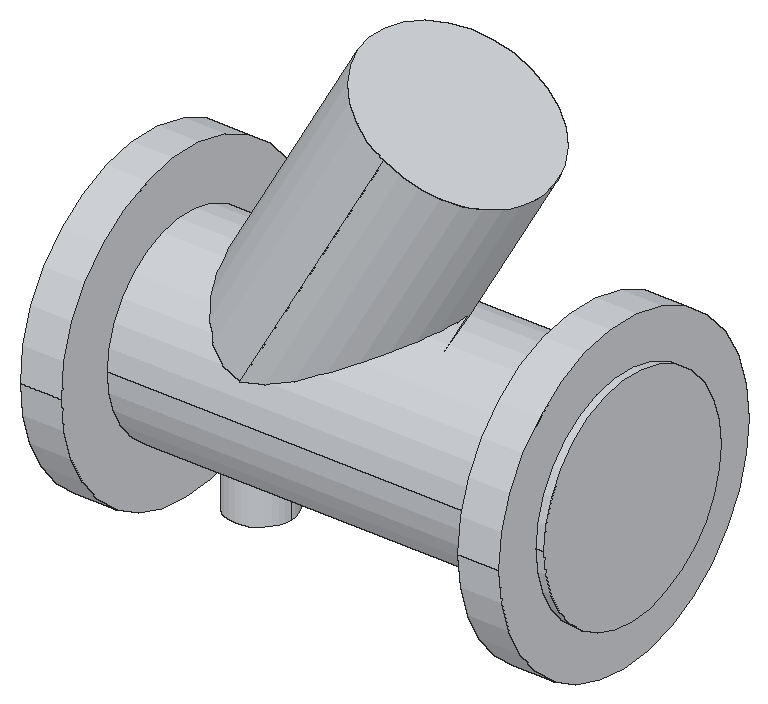
Revit family "HS 821-síto_standard-PN16-DN100-RFA_2019", category Pipe Accessories, Revit 2019
Family settings
  Round Connector Dimension = Use Diameter
  Part Type = Breaks Into
  Work Plane-Based = No
  Always vertical = Yes
  Cut with Voids When Loaded = No
  Shared = No
Parameters (values of type "821A-DN100-PN16-síto_standard")
  magiProductId = "c49a648c2747461285837d643703cd"
  magiProductFamilyId = "79214ac3aaa945e397802f559f5c1e"
  magiPartTypeId = 307
  isMeasuringValve [instance] = no
  ang2D [instance] = 0.00°
  ZB__ve = -ZB  # -35 mm
  ZB1 = 63.18 mm
  ZB = 35 mm
  X2 = 114.857 mm
  X1 = 49 mm
  W2D = 15 mm
  VersionID = "2.0/2017.9.26.1/ZETKAMA_821_001"
  Use Minimum Symbol Size [instance] = yes
  URL = "www.hydronix.cz"
  Type Comments = "Filtr přírubový; síto standardní; A-PN16 (-10~300°C); D-PN25 (-10~350°C); F-PN40 (-10~400°C)"
  S = 156 mm
  QmdConnectorList = "301;D;302;D"
  Productdata [instance] = ""
  Manufacturer = "Hydronix"
  MC Product Code = "200 190 (821A; DN100; PN16; kvs209,6; oko síta 1,60mm)"
  LM1 = 28 mm
  LM = 280 mm
  L4 = 87.5 mm
  L2D_Min = 3048 mm
  L2D = 130 mm
  L2 = 175 mm
  HH2 = 198.937 mm
  FD = 220 mm
  Description = "Filtr přírubový; síto standardní; 821A-PN16; 821D-PN25; 821F-PN40"
  DM1 = 131.4 mm
  DM = 140.4 mm
  D = 100 mm
  CC = 5.95 mm
  CAT0 = yes
  C1 = 29.05 mm
  C = 35 mm
  BD = 44.226 mm
Types (40, lengths in mm): name | magiProductId | ZB__ve | ZB1 | ZB | X2 | X1 | S | MC Product Code | LM1 | LM | L4 | L2 | HH2 | FD | DM1 | DM | D | CC | C1 | C | BD
  821A-DN015-PN16-síto_standard | "a71bcfe8b393460598b23e8ddf7dc5" | -16.25 | 18.63 | 16.25 | 46.982 | 18.2 | 46 | "200 115 (821A; DN015; PN16; kvs6,3; oko síta 1,00mm)" | 10.4 | 104 | 32.5 | 65 | 81.375 | 95 | 27.6 | 41.4 | 15 | 2.21 | 10.79 | 13 | 13.041
  821A-DN020-PN16-síto_standard | "41cd6c7a12924f4991217528336076" | -17.75 | 22.68 | 17.75 | 51.673 | 21 | 56 | "200 120 (821A; DN020; PN16; kvs11,2; oko síta 1,00mm)" | 12 | 120 | 37.5 | 75 | 89.5 | 105 | 33.6 | 50.4 | 20 | 2.55 | 12.45 | 15 | 15.876
  821A-DN025-PN16-síto_standard | "be378b463ed14c3abf4c9b3ae8cf3a" | -19.25 | 26.325 | 19.25 | 58.601 | 22.4 | 65 | "200 125 (821A; DN025; PN16; kvs14,7; oko síta 1,00mm)" | 12.8 | 128 | 40 | 80 | 101.5 | 115 | 43.2 | 58.5 | 25 | 2.72 | 13.28 | 16 | 18.427
  821A-DN032-PN16-síto_standard | "227a0d18b21540afabe8b6067d35fa" | -23 | 30.78 | 23 | 68.849 | 25.2 | 76 | "200 132 (821A; DN032; PN16; kvs23,7; oko síta 1,00mm)" | 14.4 | 144 | 45 | 90 | 119.25 | 140 | 50.4 | 68.4 | 32 | 3.06 | 14.94 | 18 | 21.546
  821A-DN040-PN16-síto_standard | "d106917c74724141a10440112d0102" | -24.5 | 34.02 | 24.5 | 75.777 | 28 | 84 | "200 140 (821A; DN040; PN16; kvs37,7; oko síta 1,00mm)" | 16 | 160 | 50 | 100 | 131.25 | 150 | 60 | 75.6 | 40 | 3.4 | 16.6 | 20 | 23.814
  821A-DN050-PN16-síto_standard | "8255d456a09e4f6486734f5dd9171b" | -26.75 | 40.095 | 26.75 | 79.061 | 32.2 | 99 | "200 150 (821A; DN050 PN16; kvs57,9; oko síta 1,00mm)" | 18.4 | 184 | 57.5 | 115 | 136.938 | 165 | 73.8 | 89.1 | 50 | 3.91 | 19.09 | 23 | 28.066
  821A-DN065-PN16-síto_standard | "235b1b3e4c0843779a4d5e3716d40a" | -29.75 | 47.79 | 29.75 | 86.927 | 40.6 | 118 | "200 165 (821A; DN065; PN16; kvs101,5; oko síta 1,25mm)" | 23.2 | 232 | 72.5 | 145 | 150.562 | 185 | 94.2 | 106.2 | 65 | 4.93 | 24.07 | 29 | 33.453
  821A-DN080-PN16-síto_standard | "a067f7c5236348ed8c820d16df7214" | -32 | 53.46 | 32 | 104.753 | 43.4 | 132 | "200 180 (821A; DN080; PN16; kvs147,4; oko síta 1,25mm)" | 24.8 | 248 | 77.5 | 155 | 181.438 | 200 | 107.4 | 118.8 | 80 | 5.27 | 25.73 | 31 | 37.422
  821A-DN100-PN16-síto_standard | "c49a648c2747461285837d643703cd" | -35 | 63.18 | 35 | 114.857 | 49 | 156 | "200 190 (821A; DN100; PN16; kvs209,6; oko síta 1,60mm)" | 28 | 280 | 87.5 | 175 | 198.937 | 220 | 131.4 | 140.4 | 100 | 5.95 | 29.05 | 35 | 44.226
  821A-DN125-PN16-síto_standard | "bf68e728a163493cbd2a663b26ebdc" | -39.5 | 74.52 | 39.5 | 131.888 | 56 | 184 | "200 191 (821A; DN125; PN16; kvs326,2; oko síta 1,60mm)" | 32 | 320 | 100 | 200 | 228.438 | 250 | 165 | 165.6 | 125 | 6.8 | 33.2 | 40 | 52.164
  821A-DN150-PN16-síto_standard | "2de770284b654863ae6bc865769dc5" | -44.75 | 85.455 | 44.75 | 155.885 | 67.2 | 211 | "200 192 (821A; DN150; PN16; kvs403; oko síta 1,60mm)" | 38.4 | 384 | 120 | 240 | 270 | 285 | 192 | 189.9 | 150 | 8.16 | 39.84 | 48 | 59.818
  821A-DN200-PN16-síto_standard | "8e5693371ab64aabb29a7f08c76e15" | -53 | 107.73 | 53 | 188.361 | 84 | 266 | "200 193 (821A; DN200; PN16; kvs707; oko síta 1,60mm)" | 48 | 480 | 150 | 300 | 326.25 | 340 | 252 | 239.4 | 200 | 10.2 | 49.8 | 60 | 75.411
  821A-DN250-PN16-síto_standard | "05e37ed948c34047acdd4c42556504" | -62.75 | 129.195 | 62.75 | 255.911 | 102.2 | 319 | "200 194 (821A; DN250; PN16; kvs1234; oko síta 1,60mm)" | 58.4 | 584 | 182.5 | 365 | 443.25 | 405 | 309.6 | 287.1 | 250 | 12.41 | 60.59 | 73 | 90.436
  821A-DN300-PN16-síto_standard | "9ad0af747269428da925480d83ce80" | -71 | 149.85 | 71 | 325.914 | 119 | 370 | "200 195 (821A; DN300; PN16; kvs1916; oko síta 1,60mm)" | 68 | 680 | 212.5 | 425 | 564.5 | 460 | 369.6 | 333 | 300 | 14.45 | 70.55 | 85 | 104.895
  821A-DN350-PN16-síto_standard | "eebc71459bb3451bb4355e7951370a" | -80 | 173.745 | 80 | 356.875 | 137.2 | 429 | "200 196 (821A; DN350; PN16; kvs2621; oko síta 1,60mm)" | 78.4 | 784 | 245 | 490 | 618.125 | 520 | 438 | 386.1 | 350 | 16.66 | 81.34 | 98 | 121.621
  821A-DN400-PN16-síto_standard | "d2f677cb196647e385b2590e7d8abe" | -89 | 194.4 | 89 | 392.237 | 154 | 480 | "200 197 (821A; DN400; PN16; kvs3460; oko síta 1,60mm)" | 88 | 880 | 275 | 550 | 679.375 | 580 | 498 | 432 | 400 | 18.7 | 91.3 | 110 | 136.08
  821D-DN015-PN25-síto_standard | "27ddcbf555414f8ca1fde329bf9087" | -16.25 | 18.63 | 16.25 | 46.982 | 18.2 | 46 | "200 215 (821D; DN015; PN25; kvs6,3; oko síta 1,00mm)" | 10.4 | 104 | 32.5 | 65 | 81.375 | 95 | 27.6 | 41.4 | 15 | 2.21 | 10.79 | 13 | 13.041
  821D-DN020-PN25-síto_standard | "270e0f14012f47189cd0235c18faee" | -17.75 | 22.68 | 17.75 | 51.673 | 21 | 56 | "200 220 (821D; DN020; PN25; kvs11,2; oko síta 1,00mm)" | 12 | 120 | 37.5 | 75 | 89.5 | 105 | 33.6 | 50.4 | 20 | 2.55 | 12.45 | 15 | 15.876
  821D-DN025-PN25-síto_standard | "b9a7fb4aa36643878c637d8e1ab992" | -19.25 | 26.325 | 19.25 | 58.601 | 22.4 | 65 | "200 225 (821D; DN025; PN25; kvs14,7; oko síta 1,00mm)" | 12.8 | 128 | 40 | 80 | 101.5 | 115 | 43.2 | 58.5 | 25 | 2.72 | 13.28 | 16 | 18.427
  821D-DN032-PN25-síto_standard | "6be9a55c4e68400f94eec7e804204c" | -23 | 30.78 | 23 | 68.849 | 25.2 | 76 | "200 232 (821D; DN032; PN25; kvs23,7; oko síta 1,00mm)" | 14.4 | 144 | 45 | 90 | 119.25 | 140 | 50.4 | 68.4 | 32 | 3.06 | 14.94 | 18 | 21.546
  821D-DN040-PN25-síto_standard | "c54511bd7f584ec2984291479612cb" | -24.5 | 34.02 | 24.5 | 75.777 | 28 | 84 | "200 240 (821D; DN040; PN25; kvs37,7; oko síta 1,00mm)" | 16 | 160 | 50 | 100 | 131.25 | 150 | 60 | 75.6 | 40 | 3.4 | 16.6 | 20 | 23.814
  821D-DN050-PN25-síto_standard | "5483b1f596b04cd39b23a14a22c90e" | -26.75 | 40.095 | 26.75 | 79.061 | 32.2 | 99 | "200 250 (821D; DN050; PN25; kvs57,9; oko síta 1,00mm)" | 18.4 | 184 | 57.5 | 115 | 136.938 | 165 | 73.8 | 89.1 | 50 | 3.91 | 19.09 | 23 | 28.066
  821D-DN065-PN25-síto_standard | "767b0f8318e94750bc7a9930ed5b30" | -29.75 | 47.79 | 29.75 | 86.927 | 40.6 | 118 | "200 265 (821D; DN065; PN25; kvs101,5; oko síta 1,25mm)" | 23.2 | 232 | 72.5 | 145 | 150.562 | 185 | 94.2 | 106.2 | 65 | 4.93 | 24.07 | 29 | 33.453
  821D-DN080-PN25-síto_standard | "e21040fa3cc2404b858198f6b73709" | -32 | 53.46 | 32 | 104.753 | 43.4 | 132 | "200 280 (821D; DN080; PN25; kvs147,4; oko síta 1,25mm)" | 24.8 | 248 | 77.5 | 155 | 181.438 | 200 | 107.4 | 118.8 | 80 | 5.27 | 25.73 | 31 | 37.422
  821D-DN100-PN25-síto_standard | "175ca87a506b40b3bc6b82f12f33cf" | -37.25 | 63.18 | 37.25 | 114.857 | 49 | 156 | "200 290 (821D; DN100; PN25; kvs209,6; oko síta 1,60mm)" | 28 | 280 | 87.5 | 175 | 198.937 | 235 | 131.4 | 140.4 | 100 | 5.95 | 29.05 | 35 | 44.226
  821D-DN125-PN25-síto_standard | "77cc98d60da24855999a22dff726b2" | -42.5 | 74.52 | 42.5 | 131.888 | 56 | 184 | "200 291 (821D; DN125; PN25; kvs326,2; oko síta 1,60mm)" | 32 | 320 | 100 | 200 | 228.438 | 270 | 165 | 165.6 | 125 | 6.8 | 33.2 | 40 | 52.164
  821D-DN150-PN25-síto_standard | "9cf8acfcd15547d68e83172d3abcbe" | -47 | 85.455 | 47 | 155.885 | 67.2 | 211 | "200 292 (821D; DN150; PN25; kvs403; oko síta 1,60mm)" | 38.4 | 384 | 120 | 240 | 270 | 300 | 192 | 189.9 | 150 | 8.16 | 39.84 | 48 | 59.818
  821D-DN200-PN25-síto_standard | "16973f3c9ea14389ba8602495a6b64" | -56 | 110.97 | 56 | 188.361 | 84 | 274 | "200 293 (821D; DN200; PN25; kvs707; oko síta 1,60mm)" | 48 | 480 | 150 | 300 | 326.25 | 360 | 252 | 246.6 | 200 | 10.2 | 49.8 | 60 | 77.679
  821F-DN015-PN40-síto_standard | "4c7eaf3c4c0340888b3e684d8a8616" | -16.25 | 18.225 | 16.25 | 46.982 | 18.2 | 45 | "240 615 (821F; DN015; PN40; kvs6,3; oko síta 1,00mm)" | 10.4 | 104 | 32.5 | 65 | 81.375 | 95 | 27.6 | 40.5 | 15 | 2.21 | 10.79 | 13 | 12.757
  821F-DN020-PN40-síto_standard | "aaac5f1ec96b44d6ba96ac2293d66d" | -17.75 | 23.49 | 17.75 | 51.673 | 21 | 58 | "240 620 (821F; DN020; PN40; kvs11,2; oko síta 1,00mm)" | 12 | 120 | 37.5 | 75 | 89.5 | 105 | 33.6 | 52.2 | 20 | 2.55 | 12.45 | 15 | 16.443
  821F-DN025-PN40-síto_standard | "504768023968471481789485b54c7e" | -19.25 | 27.54 | 19.25 | 58.601 | 22.4 | 68 | "240 625 (821F; DN025; PN40; kvs14,7; oko síta 1,00mm)" | 12.8 | 128 | 40 | 80 | 101.5 | 115 | 43.2 | 61.2 | 25 | 2.72 | 13.28 | 16 | 19.278
  821F-DN032-PN40-síto_standard | "165e7f39cf744f329bdf1c400dad12" | -23 | 31.59 | 23 | 68.849 | 25.2 | 78 | "240 632 (821F; DN032; PN40; kvs23,7; oko síta 1,00mm)" | 14.4 | 144 | 45 | 90 | 119.25 | 140 | 50.4 | 70.2 | 32 | 3.06 | 14.94 | 18 | 22.113
  821F-DN040-PN40-síto_standard | "b8903f952089408fbf3a5a632bab1f" | -24.5 | 35.64 | 24.5 | 75.777 | 28 | 88 | "240 640 (821F; DN040; PN40; kvs37,7; oko síta 1,00mm)" | 16 | 160 | 50 | 100 | 131.25 | 150 | 60 | 79.2 | 40 | 3.4 | 16.6 | 20 | 24.948
  821F-DN050-PN40-síto_standard | "c451f97266fe48da8f879cb6a2bd44" | -26.75 | 41.31 | 26.75 | 79.061 | 32.2 | 102 | "240 650 (821F; DN050; PN40; kvs57,9; oko síta 1,00mm)" | 18.4 | 184 | 57.5 | 115 | 136.938 | 165 | 73.8 | 91.8 | 50 | 3.91 | 19.09 | 23 | 28.917
  821F-DN065-PN40-síto_standard | "dc9821e3f9b34e128f6a8c6b34c198" | -29.75 | 49.41 | 29.75 | 86.927 | 40.6 | 122 | "240 665 (821F; DN065; PN40; kvs101,5; oko síta 1,25mm)" | 23.2 | 232 | 72.5 | 145 | 150.562 | 185 | 94.2 | 109.8 | 65 | 4.93 | 24.07 | 29 | 34.587
  821F-DN080-PN40-síto_standard | "689aa1e260f84cf4994f027a1d86b5" | -32 | 55.89 | 32 | 104.753 | 43.4 | 138 | "240 680 (821F; DN080; PN40; kvs147,4; oko síta 1,25mm)" | 24.8 | 248 | 77.5 | 155 | 181.438 | 200 | 107.4 | 124.2 | 80 | 5.27 | 25.73 | 31 | 39.123
  821F-DN100-PN40-síto_standard | "8a45d4e8e2ab425f8c432f21d684f3" | -37.25 | 65.61 | 37.25 | 114.857 | 49 | 162 | "240 690 (821F; DN100; PN40; kvs209,6; oko síta 1,6mm)" | 28 | 280 | 87.5 | 175 | 198.937 | 235 | 131.4 | 145.8 | 100 | 5.95 | 29.05 | 35 | 45.927
  821F-DN125-PN40-síto_standard | "cf073904c006406b8645afa67ea2fc" | -42.5 | 76.14 | 42.5 | 131.888 | 56 | 188 | "240 691 (821F; DN125; PN40; kvs326,2; oko síta 1,6mm)" | 32 | 320 | 100 | 200 | 228.438 | 270 | 165 | 169.2 | 125 | 6.8 | 33.2 | 40 | 53.298
  821F-DN150-PN40-síto_standard | "0153b9ddabe14992a630484929fdbc" | -47 | 88.29 | 47 | 155.885 | 67.2 | 218 | "240 692 (821F; DN150; PN40; kvs403; oko síta 1,6mm)" | 38.4 | 384 | 120 | 240 | 270 | 300 | 192 | 196.2 | 150 | 8.16 | 39.84 | 48 | 61.803
  821F-DN200-PN40-síto_standard | "7fb3fc01dd8d42428c203e3f8dd4d5" | -56 | 115.425 | 56 | 188.361 | 84 | 285 | "240 693 (821F; DN200; PN40; kvs707; oko síta 1,6mm)" | 48 | 480 | 150 | 300 | 326.25 | 360 | 252 | 256.5 | 200 | 10.2 | 49.8 | 60 | 80.797
Reference planes
  plane 1 "Center (Front/Back)": y = 0
  plane 2 "XYPLANE": z = 0
  plane 3 "Center (Left/Right)": x = 0
  plane 4 "109": x = -112
  plane 5 "108": x = 140
  plane 6 "107": x = -140
  plane 7 "105": x = 175
  plane 8 "104": x = -175
  plane 9 "103": y = 0
  plane 10 "102": z = 0
  plane 11 "101": x = -169.05
  plane 12 "100": x = 169.05
  plane 13 "11": x = -63
  plane 14 "10": z = 198.937
  plane 15 "9": x = 51.857
  plane 16 "5": z = -63.18
  plane 17 "4": x = -87.5
  plane 18 "1": x = 87.5
Forms (mm)
  Extrusion 1, solid, visible <- "CAT0"
    sketch origin (-140, -750, 0) x (0, 1, 0) y (0, 0, 1)
      loop
        circle (750, 0) r 70.2
    from 0 to 280 <- "LM"
  Extrusion 2, solid
    sketch origin (-175, -750, 0) x (0, 1, 0) y (0, 0, 1)
      loop
        circle (750, 0) r 78
    from 0 to 5.95 <- "CC"
  Extrusion 3, solid
    sketch origin (-169.05, -750, 0) x (0, 1, 0) y (0, 0, 1)
      loop
        circle (750, 0) r 110
    from 0 to 29.05 <- "C1"
  Extrusion 4, solid
    sketch origin (140, -750, 0) x (0, 1, 0) y (0, 0, 1)
      loop
        circle (750, 0) r 110
    from 0 to 29.05 <- "C1"
  Extrusion 5, solid
    sketch origin (169.05, -750, 0) x (0, 1, 0) y (0, 0, 1)
      loop
        circle (750, 0) r 78
    from 0 to 5.95 <- "CC"
  Sweep 6, solid, visible <- "CAT0"
    path origin (750, 0, 0) x (-1, 0, 0) y (0, 0, 1)
      loop
        line (890, 0) -> (813, 0) -> (698.143, 198.937)
    profile origin (-140, 0, 0) x (0, 0, -1) y (0, 1, 0)
      loop
        circle (0, 0) r 65.7
  Extrusion 7, solid, visible <- "CAT0"
    sketch origin (-750, 0, -63.18) x (1, 0, 0) y (0, 1, 0)
      loop
        circle (662.5, 0) r 22.113
    from 0 to -35 <- "ZB__ve"
  Extrusion 8, solid, visible <- "CAT0"
    sketch origin (-750, 0, -63.18) x (1, 0, 0) y (0, 1, 0)
      loop
        circle (837.5, 0) r 22.113
    from 0 to -35 <- "ZB__ve"
  Extrusion 9, solid, not visible
    sketch origin (175, -750, 0) x (0, 1, 0) y (0, 0, 1)
      loop
        circle (750, 0) r 10
    from 0 to -10
  Extrusion 10, solid, not visible
    sketch origin (-175, -750, 0) x (0, 1, 0) y (0, 0, 1)
      loop
        circle (750, 0) r 10
    from 0 to 10
Lines and regions (mm)
  reference lines, not visible
    curve 1: circle (2, 2, 0) r 1 normal (0, 0, 1)
Dimensions and locks
  plane 1 "Center (Front/Back)" to curve 1 = 2 mm
  "LM1": plane 6 "107" to plane 4 "109"
  "LM": plane 6 "107" to plane 5 "108"
  "C": plane 8 "104" to plane 6 "107"
  "L2": plane 3 "Center (Left/Right)" to plane 7 "105"
  "L2": plane 3 "Center (Left/Right)" to plane 8 "104"
  locked: plane 1 "Center (Front/Back)" to plane 9 "103"
  locked: plane 2 "XYPLANE" to plane 10 "102"
  "CC": plane 8 "104" to plane 11 "101"
  "C1": plane 5 "108" to plane 12 "100"
  "X1": plane 4 "109" to plane 13 "11"
  "HH2": plane 2 "XYPLANE" to plane 14 "10"
  "X2": plane 13 "11" to plane 15 "9"
  "ZB1": plane 2 "XYPLANE" to plane 16 "5"
  "L4": plane 8 "104" to plane 17 "4"
  "L2": plane 17 "4" to plane 18 "1"
  Sweep 6 sketch curve to Sweep 6 sketch curve = 0 mm  (x2)
  "DM": diameter of Extrusion 1 sketch curve
  "S": diameter of Extrusion 2 sketch curve
  "FD": diameter of Extrusion 3 sketch curve
  "FD": diameter of Extrusion 4 sketch curve
  "S": diameter of Extrusion 5 sketch curve
  "DM1": diameter of Sweep 6 sketch curve
  "BD": diameter of Extrusion 7 sketch curve
  "BD": diameter of Extrusion 8 sketch curve
  aligned and locked: level to plane 2 "XYPLANE"
  aligned and locked: Extrusion 1 sketch curve to plane 9 "103"
  aligned and locked: plane 10 "102" to Extrusion 1 sketch curve
  aligned and locked: Extrusion 2 sketch curve to plane 9 "103"
  aligned and locked: plane 10 "102" to Extrusion 2 sketch curve
  aligned and locked: Extrusion 3 sketch curve to plane 9 "103"
  aligned and locked: plane 10 "102" to Extrusion 3 sketch curve
  aligned and locked: Extrusion 4 sketch curve to plane 9 "103"
  aligned and locked: plane 10 "102" to Extrusion 4 sketch curve
  aligned and locked: Extrusion 5 sketch curve to plane 9 "103"
  aligned and locked: plane 10 "102" to Extrusion 5 sketch curve
  aligned and locked: Sweep 6 sketch curve to plane 9 "103"
  aligned and locked: plane 10 "102" to Sweep 6 sketch curve  (x3)
  aligned and locked: plane 6 "107" to Sweep 6 sketch curve
  aligned and locked: plane 13 "11" to Sweep 6 sketch curve
  aligned and locked: plane 14 "10" to Sweep 6 sketch curve
  aligned and locked: plane 15 "9" to Sweep 6 sketch curve
  aligned and locked: plane 9 "103" to Extrusion 7 sketch curve
  aligned and locked: plane 17 "4" to Extrusion 7 sketch curve
  aligned and locked: plane 9 "103" to Extrusion 8 sketch curve
  aligned and locked: plane 18 "1" to Extrusion 8 sketch curve
  aligned and locked: Extrusion 9 sketch curve to plane 9 "103"
  aligned and locked: plane 10 "102" to Extrusion 9 sketch curve
  aligned and locked: Extrusion 10 sketch curve to plane 9 "103"
  aligned and locked: plane 10 "102" to Extrusion 10 sketch curve
Automatic sketch dimensions
  plane 1 "Center (Front/Back)" to Extrusion 9 sketch curve = 10 mm
  plane 1 "Center (Front/Back)" to Extrusion 10 sketch curve = 10 mm
  plane 3 "Center (Left/Right)" to curve 1 = 2 mm
  radius of curve 1 = 1 mm
Connectors
  piping at (-175, 0, 0), diameter 100, driven by "D"
    settings: on Extrusion 10, index 1, connector inside diameter 609.6 mm, connector length 0 mm, flow factor 0, pipe flow 0.0 L/s, pressure drop 0.0 Pa, fitting loss kfactor 0, connector angle 0.00°, fixture units 0, engagement length 0 mm, angle of deflection 0.00°, flow configuration 0, flow direction 0, fitting loss method 0, system type 29, joint type 0, gender type 0, connector reference index 2, connector utility 0, adjustable connector no, is connector primary yes, connector description ""
  piping at (175, 0, 0), diameter 100, driven by "D"
    settings: on Extrusion 9, index 2, connector inside diameter 609.6 mm, connector length 0 mm, flow factor 0, pipe flow 0.0 L/s, pressure drop 0.0 Pa, fitting loss kfactor 0, connector angle 0.00°, fixture units 0, engagement length 0 mm, angle of deflection 0.00°, flow configuration 0, flow direction 0, fitting loss method 0, system type 29, joint type 0, gender type 0, connector reference index 1, connector utility 0, adjustable connector no, is connector primary no, connector description ""
